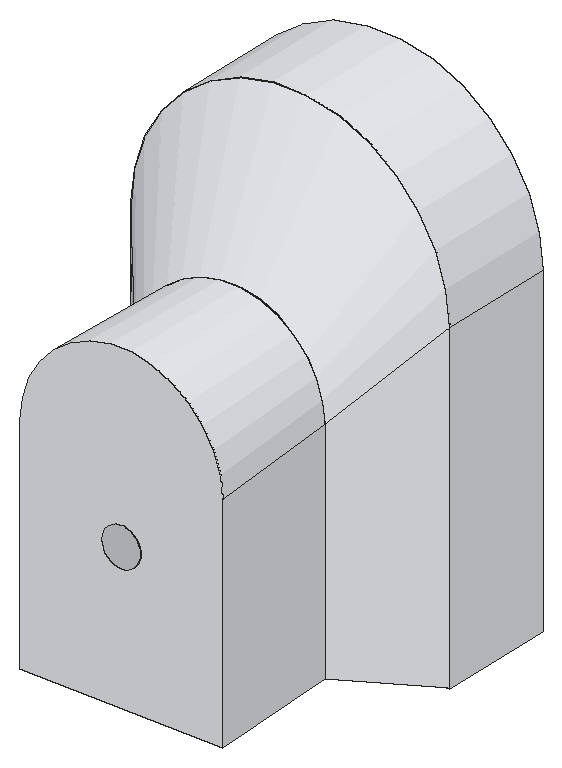
Revit family "Deca_Bidê Carrara_B.60_3 Furos.3", category Plumbing Fixtures, host Face, Revit 2012
Parameters (values of type "B.60.17 - Branco GE17")
  WFU = 0
  Vendido Separadamente = "Parafusos de fixação (SP.13.01) e Válvula de escoamento (1601.C/1602. C/1602.C.PLA)"  # constant formula
  Variações de COR = "B.60.17 ,B.60.37, B.60.95"  # constant formula
  URL = "www.deca.com.br"
  Segmento = "Banheiro Luxo"  # constant formula
  Raio Ponto de Esgoto = 20 mm  # constant formula
  Produto = "Bidê 3 furos linha Carrara "  # constant formula
  Peso Liquido (Kg) = 22.5
  Norma = "NBR15097-1 NBR15097-2"  # constant formula
  Model = Código  # "B.60.17"
  Material = "Cerâmica (Vitreous China)"  # constant formula
  Manufacturer = Fabricante  # "Deca"
  Louça/Metais = "Louça"  # constant formula
  Linha = "Carrara"  # constant formula
  Informações Complementares = "3 furos - utilizar com misturador"  # constant formula
  Flow Pressure = 0.00 psi
  Fabricante = "Deca"  # constant formula
  Diâmetro Ponto de Esgoto = Raio Ponto de Esgoto * 2  # 40 mm
  Descrição = "Bidê "  # constant formula
  Description = Descrição  # "Bidê "
  Default Elevation = 0 mm
  Código = "B.60.17"
  Criador por = "Contino/quattroD"  # constant formula
  CWFU = 0
  Bidê = Deca GE17 Branco Gelo Cerâmica
  Atendimento ao Cliente = "0800-011-7073"  # constant formula
  Assembly Code = ""
  Aprovado por = "Contino/quattroD"  # constant formula
  Acompanha o Produto = "Não Aplicável"  # constant formula
Types (3, lengths in mm): name | Model | Código | Bidê
  B.60.17 - Branco GE17 | "B.60.17" | "B.60.17" | Deca GE17 Branco Gelo Cerâmica
  B.60.37 - Creme CR37 | "B.60.37" | "B.60.37" | Deca CR37 Creme Cerâmica
  B.60.95 - Ébano EB95 | "B.60.95" | "B.60.95" | Deca EB95 Ébano Cerâmica
Reference planes
  plane 1 "Center (Front/Back)": y = 0
  plane 2: z = 0
  plane 3 "Center (Left/Right)": x = 0
  plane 4 "Front 3": z = 625
  plane 5 "Left 3": x = -185
  plane 6 "Right 3": x = 185
  plane 7 "Top 1": y = 380
  plane 8 "Front 2": z = 255
  plane 9 "Left 1": x = -85
  plane 10 "Right 1": x = 85
  plane 11 "Left 2": x = -117.5
  plane 12 "Right 2": x = 117.5
  plane 13 "Front 1": z = 65
Forms (mm)
  Extrusion 1, solid, material "Deca GE17 Branco Gelo Cerâmica" <- "Bidê"
    sketch origin (-500, 0, 0) x (1, 0, 0) y (0, 0, 1)
      loop
        line (315, 439.772) -> (315, 65) -> (685, 65) -> (684.999, 439.772)
        arc (684.999, 439.772) -> (499.999, 624.772) -> (315, 439.772) r 185
      loop
        arc (631.854, 439.772) -> (500, 571.626) -> (368.145, 439.772) r 131.854
        line (368.145, 439.772) -> (368.145, 289.991)
        arc (368.145, 289.991) -> (392.773, 230.533) -> (452.231, 205.905) r 84.086
        line (452.231, 205.905) -> (547.768, 205.905)
        arc (547.768, 205.905) -> (607.226, 230.533) -> (631.854, 289.991) r 84.086
        line (631.854, 289.991) -> (631.854, 439.772)
      loop
        circle (500, 117.244) r 17.415
      loop
        circle (584.586, 134.659) r 17.415
      loop
        circle (415.414, 134.659) r 17.415
    from -380 to -245.141
  Blend 2, solid, material "Deca GE17 Branco Gelo Cerâmica" <- "Bidê"
    base sketch origin (0, 0, 0) x (1, 0, 0) y (0, 0, 1)
      loop
        arc (109.212, 351.09) -> (0, 460.302) -> (-109.212, 351.09) r 109.212
        line (-109.212, 351.09) -> (-109.212, 86.739) -> (109.212, 86.739) -> (109.212, 351.09)
    top sketch origin (0, 0, 0) x (1, 0, 0) y (0, 0, 1)
      loop
        arc (185, 439.773) -> (0, 624.772) -> (-185, 439.772) r 185
        line (-185, 439.772) -> (-185, 65.827) -> (185, 65.827) -> (185, 439.773)
    from -158.145 to -245.141
  Blend 3, solid, material "Deca GE17 Branco Gelo Cerâmica" <- "Bidê"
    base sketch origin (0, 0, 0) x (1, 0, 0) y (0, 0, 1)
      loop
        line (-117.5, 86.739) -> (117.5, 86.739) -> (117.5, 344.798)
        arc (117.5, 344.798) -> (0, 462.298) -> (-117.5, 344.798) r 117.5
        line (-117.5, 344.798) -> (-117.5, 86.739)
    top sketch origin (0, 0, 0) x (1, 0, 0) y (0, 0, 1)
      loop
        arc (109.212, 351.09) -> (0, 460.302) -> (-109.212, 351.09) r 109.212
        line (-109.212, 351.09) -> (-109.212, 86.739) -> (109.212, 86.739) -> (109.212, 351.09)
    from 0 to -158.145
  Extrusion 4, solid
    sketch origin (0, 0, -65) x (1, 0, 0) y (0, 0, 1)
      loop
        circle (0, 320) r 22.5
    from 0 to -6.529
  Extrusion 5, solid, material "Deca GE17 Branco Gelo Cerâmica" <- "Bidê"
    sketch origin (0, 0, 0) x (1, 0, 0) y (0, 0, 1)
      loop
        circle (-84.586, 134.659) r 17.415
      loop
        circle (0, 117.244) r 17.415
      loop
        circle (84.586, 134.659) r 17.415
    from -380 to -360
Lines and regions (mm)
  Masking region 1
    outline origin (737.546, 19.205, 0) x (1, 0, 0) y (0, 1, 0)
      loop
        arc (-905.925, 360.795) -> (-909.731, 359.099) -> (-910.802, 355.072) r 4.833
        arc (-910.802, 355.072) -> (-917.698, 291.127) -> (-922.676, 227.004) r 2146.402
        arc (-922.676, 227.004) -> (-922.218, 224.586) -> (-920.66, 222.681) r 4.986
        line (-920.66, 222.681) -> (-859.053, 168.82)
        arc (-859.053, 168.82) -> (-849.659, 155.984) -> (-846.951, 140.31) r 34.831
        line (-846.951, 140.31) -> (-855.123, -19.205) -> (-619.968, -19.205) -> (-628.14, 140.31)
        arc (-628.14, 140.31) -> (-625.433, 155.984) -> (-616.038, 168.82) r 34.831
        line (-616.038, 168.82) -> (-554.432, 222.681)
        arc (-554.432, 222.681) -> (-552.873, 224.586) -> (-552.416, 227.004) r 4.986
        arc (-552.416, 227.004) -> (-557.393, 291.127) -> (-564.289, 355.072) r 2146.402
        arc (-564.289, 355.072) -> (-565.28, 359.001) -> (-568.912, 360.795) r 4.833
        line (-568.912, 360.795) -> (-905.925, 360.795)
  Masking region 2
    outline origin (0, -626.067, -11.542) x (0, 1, 0) y (0, 0, 1)
      loop
        line (626.067, 96.445) -> (799.507, 96.445)
        arc (799.507, 96.445) -> (835.858, 91.372) -> (869.432, 76.542) r 132.786
        line (869.432, 76.542) -> (1006.067, 76.542) -> (1006.067, 627.68)
        arc (1006.067, 627.68) -> (1004.301, 631.488) -> (1000.253, 632.599) r 4.988
        arc (1000.253, 632.599) -> (963.627, 634.735) -> (926.968, 636.196) r 1990.255
        arc (926.968, 636.196) -> (923.224, 635.837) -> (919.688, 634.552) r 14.925
        arc (919.688, 634.552) -> (848.532, 579.749) -> (801.466, 503.254) r 248.838
        arc (801.466, 503.254) -> (786.541, 484.221) -> (763.55, 476.705) r 41.61
        line (763.55, 476.705) -> (626.067, 482.588) -> (626.067, 96.445)
  Masking region 3
    outline origin (500, 0, 0) x (1, 0, 0) y (0, 0, 1)
      loop
        arc (-315, 440) -> (-499.999, 625) -> (-684.999, 440.001) r 185
        line (-684.999, 440.001) -> (-685, 67.657)
        arc (-685, 67.657) -> (-684.222, 65.778) -> (-682.343, 65) r 2.657
        line (-682.343, 65) -> (-317.657, 65)
        arc (-317.657, 65) -> (-315.757, 65.799) -> (-315, 67.714) r 2.657
        line (-315, 67.714) -> (-315, 440)
      loop
        circle (-500, 117.244) r 17.415
      loop
        circle (-415.414, 134.659) r 17.415
      loop
        circle (-584.586, 134.659) r 17.415
  symbolic lines
    curve 1: arc (0, 0, 288.904) -> (34.829, 0, 254.074) -> (0, 0, 219.245) r 34.829
    curve 2: arc (0, 0, 276.465) -> (22.39, 0, 254.074) -> (0, 0, 231.684) r 22.39
    curve 3: arc (0, 0, 231.684) -> (-22.39, 0, 254.074) -> (0, 0, 276.465) r 22.39
    curve 4: arc (0, 0, 219.245) -> (-34.829, 0, 254.074) -> (0, 0, 288.904) r 34.829
    curve 5: line (174.147, 0, 65) -> (174.147, 0, 446.957)
    curve 6: arc (174.147, 0, 446.957) -> (0, 0, 621.104) -> (-174.147, 0, 446.957) r 174.147
    curve 7: line (-174.147, 0, 65) -> (-174.147, 0, 446.957)
    curve 8: arc (-181.88, 246.711, 0) -> (0, 297.543, 0) -> (181.881, 246.711, 0) r 350.807
    curve 9: line (0, 164.589, 84.902) -> (0, 164.589, 461.01)
    curve 10: line (0, 243.365, 65) -> (0, 243.806, 335.595)
    curve 11: arc (0, 243.806, 335.595) -> (0, 257.255, 480.651) -> (0, 296.683, 620.892) r 803.172
    curve 12: line (47.769, 0, 205.905) -> (-47.768, 0, 205.905)
    curve 13: arc (-47.768, 0, 205.905) -> (-107.226, 0, 230.533) -> (-131.854, 0, 289.991) r 84.086
    curve 14: line (-131.854, 0, 289.991) -> (-131.854, 0, 437.272)
    curve 15: arc (-131.854, 0, 437.272) -> (0, 0, 569.126) -> (131.855, 0, 437.272) r 131.854
    curve 16: line (131.855, 0, 437.272) -> (131.855, 0, 289.991)
    curve 17: arc (131.855, 0, 289.991) -> (107.227, 0, 230.533) -> (47.769, 0, 205.905) r 84.086
  symbolic lines, style "PlumbingFixtures"
    curve 18: line (-17.414, 0, 117.244) -> (17.415, 0, 117.244)
    curve 19: line (0, 0, 134.659) -> (0, 0, 99.829)
Dimensions and locks
  plane 5 "Left 3" to plane 6 "Right 3" = 370 mm  (x2)
  plane 1 "Center (Front/Back)" to plane 7 "Top 1" = 380 mm  (x2)
  plane 11 "Left 2" to plane 12 "Right 2" = 235 mm
  plane 4 "Front 3" to plane 13 "Front 1" = 560 mm  (x2)
  plane 4 "Front 3" to level = 625 mm  (x2)
  plane 10 "Right 1" to plane 9 "Left 1" = 170 mm
  aligned and locked: host face to plane 2
  aligned and locked: level to host face
Connectors
  piping at (0, 0, 255), driven by "Raio Ponto de Esgoto", driven by "Flow Pressure", driven by "WFU"
    settings: on Extrusion 4, index 1, connector radius 0.7874", flow factor 0, pipe flow 0 GPM, pressure drop 0.00 psi, fitting loss kfactor 0, connector angle 0.00°, fixture units 0, engagement length 0 mm, flow configuration 3, flow direction 2, fitting loss method 0, system type 16, joint type 0, gender type 0, connector reference index -1, connector utility 0, adjustable connector no, is connector primary yes, fitting loss table "", connector description ""
